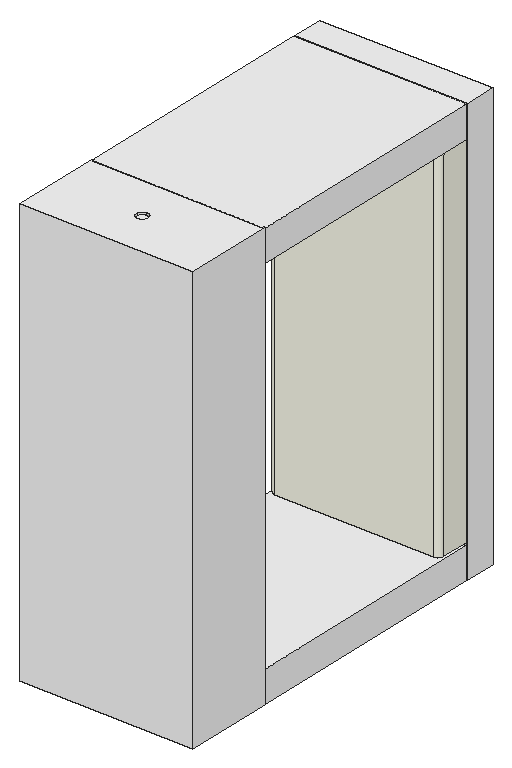
Revit family "STH9726_STH5726", category Luminárias, Revit 2023
Family settings
  Hospedeiro = Parede
  Cota do conector redondo = Utilizar diâmetro
  Tipo de parte = Normal
  Número OmniClass = 23.80.70.00
  Título OmniClass = Lighting
  Sempre na vertical = Sim
  Corte com vazios quando carregada = Não
  Fonte luminosa = Sim
  Manter orientação da anotação = Não
  Compartilhado = Não
  Ponto de cálculo do ambiente = Não
Parameters (values of type "STH5726/30 - BRANCO - BIVOLT - 3000K - 470lm")
  Tilt Angle = 90.00°
  Ângulo de Abertura = ""
  Wattage = 3.16409 W
  URL = "https://stella.com.br/"
  Troca de temperatura da cor de lâmpada com esmaecimento = <Nenhum>
  Tensão Elétrica = "100V-240V"
  built-in parameter 1150107 = 3000 (stored number, unit not read)
  Temperatura da cor (K) = 3000 K
  Referência = "STH5726/30 - BIVOLT"
  Potência = 7 W
  built-in parameter 1150110 = 1 (stored number, unit not read)
  built-in parameter 1150109 = 1 (stored number, unit not read)
  built-in parameter 1114218 = 1 (stored number, unit not read)
  built-in parameter 1150112 = 1 (stored number, unit not read)
  built-in parameter 1150113 = 1 (stored number, unit not read)
  built-in parameter 1150132 = 2
  built-in parameter 1150137 = (empty or 0)
  Modelo = "Recognizer"
  Luminoso = Luminoso - 3000K
  built-in parameter 1150106 = 1.5394 (stored number, unit not read)
  Largura = 0.062 m
  built-in parameter 1150102 = (empty or 0)
  built-in parameter 1150105 = 153.94 (stored number, unit not read)
  IRC (Índice de reprodução de cores) = ">80"
  Grau de proteção (IP) = "IP65"
  Fluxo Luminoso = 470 lm
  Color Filter = 16777215
  built-in parameter 1114217 = 1 (stored number, unit not read)
  built-in parameter 1150139 = (empty or 0)
  Fabricante = "Stella"
  Estrutura = Al - Branco
  Default Elevation = 0.00 m
  built-in parameter 1150104 = 13.8 (stored number, unit not read)
  Dimerização = "Não dimerizável"
  built-in parameter 1150115 = 1 (stored number, unit not read)
  built-in parameter 1150114 = 1 (stored number, unit not read)
  Lumens = 470 lm
  built-in parameter 1150138 = (empty or 0)
  built-in parameter 1150134 = (empty or 0)
  Comprimento = 0.13 m
  Arquivo de rede fotométrica = "STELLA - STH5726-30 - RECOGNIZER.ies"
  Altura = 0.15 m
  built-in parameter 1150133 = 10 (stored number, unit not read)
Types (3, lengths in m): name | Wattage | Referência | built-in parameter 1150106 | built-in parameter 1150105 | Fluxo Luminoso | Estrutura | Lumens | Arquivo de rede fotométrica
  (no name) | 3.16409 W | "STH5726/30 - BIVOLT" | 1.5394 (stored number, unit not read) | 153.94 (stored number, unit not read) | 470 lm | Al - Branco | 470 lm | "STELLA - STH5726-30 - RECOGNIZER.ies"
  STH5726/30 - BRANCO - BIVOLT - 3000K - 470lm | 3.16409 W | "STH5726/30 - BIVOLT" | 1.5394 (stored number, unit not read) | 153.94 (stored number, unit not read) | 470 lm | Al - Branco | 470 lm | "STELLA - STH5726-30 - RECOGNIZER.ies"
  STH9726/30 - PRETO - BIVOLT - 420lm | 2.82748 W | "STH9726/30 - BIVOLT" | 1.6343 (stored number, unit not read) | 163.43 (stored number, unit not read) | 420 lm | Al - Preto | 420 lm | "STELLA - STH9726-30 - RECOGNIZER.ies"
Reference planes (m)
  plane 1: y = 0
  plane 2 "Eixo de origem da luz (F/T)": y = 0.2332
  plane 3 "Plano de inclinação da fonte de luz": x = -0.036356
  plane 4 "Elevação da origem da luz": z = 1
  plane 5: x = -0.005356
  plane 6: x = -0.067356
  plane 7: y = 0.2332
  plane 8 "Superior": z = 1.075
  plane 9: z = 0.925
  plane 10 "CentroxConector": z = 1
  plane 11: y = 0.1032
Forms (m)
  Extrusion 1, solid, material "Al - Branco" <- "Estrutura"
    sketch origin (0, 0, 1) x (0, 1, 0) y (-1, 0, 0)
      loop
        line (0.2222, 0.066356) -> (0.2222, 0.006356) -> (0.2332, 0.006356) -> (0.2332, 0.066356) -> (0.2222, 0.066356)
      loop
        line (0.1032, 0.066356) -> (0.1032, 0.006356) -> (0.1342, 0.006356) -> (0.1342, 0.066356) -> (0.1032, 0.066356)
    from -0.074 to 0.074
  Extrusion 2, solid, material "Luminoso - 3000K" <- "Luminoso"
    sketch origin (0, 0, 1) x (0, 1, 0) y (-1, 0, 0)
      loop
        arc (0.2127, 0.065856) -> (0.211286, 0.06527) -> (0.2107, 0.063856) r 0.002
        line (0.2107, 0.063856) -> (0.2107, 0.008856)
        arc (0.2107, 0.008856) -> (0.211286, 0.007441) -> (0.2127, 0.006856) r 0.002
        line (0.2127, 0.006856) -> (0.2222, 0.006856) -> (0.2222, 0.065856) -> (0.2127, 0.065856)
    from -0.0625 to 0.0625
  Extrusion 3, solid, material "Al - Branco" <- "Estrutura"
    sketch origin (-0.036356, 0, 0) x (0, -1, 0) y (0, 0, 1)
      loop
        line (-0.1347, 1.074) -> (-0.2217, 1.074) -> (-0.2217, 1.063) -> (-0.1347, 1.063) -> (-0.1347, 1.074)
      loop
        line (-0.1347, 0.937) -> (-0.2217, 0.937) -> (-0.2217, 0.926) -> (-0.1347, 0.926) -> (-0.1347, 0.937)
    from -0.03 to 0.03
  Extrusion 4, solid, material "Al - Branco" <- "Estrutura"
    sketch origin (0, 0, 1) x (0, 1, 0) y (-1, 0, 0)
      loop
        line (0.2222, 0.065856) -> (0.1342, 0.065856) -> (0.1342, 0.006831) -> (0.2222, 0.006831) -> (0.2222, 0.065856)
    from 0.063 to 0.074
  Extrusion 5, solid, material "Al - Branco" <- "Estrutura"
    sketch origin (0, 0, 1) x (0, 1, 0) y (-1, 0, 0)
      loop
        line (0.1342, 0.065856) -> (0.1342, 0.006831) -> (0.2222, 0.006831) -> (0.2222, 0.065856) -> (0.1342, 0.065856)
    from -0.0735 to -0.063
  Extrusion 6, void
    sketch origin (0, 0, 1) x (0, 1, 0) y (-1, 0, 0)
      loop
        circle (0.1187, 0.036356) r 0.002
    from -0.074 to -0.0735
  Extrusion 7, void
    sketch origin (0, 0, 1) x (-1, 0, 0) y (0, -1, 0)
      loop
        circle (0.036356, -0.1187) r 0.002
    from 0.0735 to 0.074
Cuts and joins
  joined: Extrusion 3, Extrusion 4, Extrusion 5
  Extrusion 6, Extrusion 7 cuts Extrusion 1
Text (m)
  text "Lado da colocação" at (0, 1.019848, 3.124603), in view "Direita"
  text "Lado da colocação" at (-0.597662, 0.283012, 0), in view "Nível de referência"
  text "Lado da colocação" at (0, 1.206291, 3.571227), in view "Esquerda"
  text "90 graus" at (-0.2286, 1.737863, 2.019117), in view "Esquerda"
  text "Inclinação da luz de 0 graus" at (-0.2286, 0.870797, 0.30306), in view "Esquerda"
  text "180 graus" at (-0.2286, 0.532154, 2.851909), in view "Esquerda"
Dimensions and locks (m)
  "Altura": plane 9 to plane 8 "Superior"
  "Largura": plane 6 to plane 5
  "Comprimento": plane 2 "Eixo de origem da luz (F/T)" to plane 11
Automatic sketch dimensions
  Extrusion 1 sketch curve to host wall = 0.00 m
  plane 2 "Eixo de origem da luz (F/T)" to Extrusion 1 sketch curve = 0.00 m
  plane 6 to Extrusion 1 sketch curve = 0.001 m  (x2)
  host wall to Extrusion 1 sketch curve = 0.031 m
  Extrusion 1 sketch curve to plane 5 = 0.001 m  (x2)
  plane 2 "Eixo de origem da luz (F/T)" to Extrusion 1 sketch curve = 0.011 m
  plane 6 to Extrusion 2 sketch curve = 0.0035 m
  plane 2 "Eixo de origem da luz (F/T)" to Extrusion 2 sketch curve = 0.0225 m
  plane 6 to Extrusion 2 sketch curve = 0.0015 m
  Extrusion 2 sketch curve to Extrusion 2 sketch curve = 0.002 m
  Extrusion 2 sketch curve to plane 5 = 0.0015 m
  Extrusion 2 sketch curve to Extrusion 2 sketch curve = 0.0095 m
  plane 9 to Extrusion 3 sketch curve = 0.001 m
  plane 2 "Eixo de origem da luz (F/T)" to Extrusion 3 sketch curve = 0.0115 m  (x2)
  Extrusion 3 sketch curve to plane 8 "Superior" = 0.001 m
  host wall to Extrusion 3 sketch curve = 0.0315 m  (x2)
  Extrusion 3 sketch curve to Extrusion 3 sketch curve = 0.011 m  (x2)
  plane 6 to Extrusion 4 sketch curve = 0.0015 m
  host wall to Extrusion 4 sketch curve = 0.031 m
  plane 2 "Eixo de origem da luz (F/T)" to Extrusion 4 sketch curve = 0.011 m
  Extrusion 4 sketch curve to plane 5 = 0.001476 m
  Extrusion 5 sketch curve to plane 5 = 0.001476 m
  host wall to Extrusion 5 sketch curve = 0.031 m
  plane 6 to Extrusion 5 sketch curve = 0.0015 m
  plane 2 "Eixo de origem da luz (F/T)" to Extrusion 5 sketch curve = 0.011 m
  Extrusion 6 sketch curve to Extrusion 6 sketch curve = 0.00 m  (x2)
  Extrusion 6 sketch curve to plane 3 "Plano de inclinação da fonte de luz" = 0.00 m
  host wall to Extrusion 6 sketch curve = 0.0155 m
  Extrusion 6 sketch curve to plane 3 "Plano de inclinação da fonte de luz" = 0.002 m
  Extrusion 7 sketch curve to Extrusion 7 sketch curve = 0.00 m  (x2)
  Extrusion 7 sketch curve to plane 3 "Plano de inclinação da fonte de luz" = 0.00 m
  host wall to Extrusion 7 sketch curve = 0.0155 m
  Extrusion 7 sketch curve to plane 3 "Plano de inclinação da fonte de luz" = 0.002 m
Connectors (m)
  electrical at (-0.036355, 0.1032, 1)
    settings: index 1, voltage 0 V, apparent load 0 VA, apparent load phase1 0 VA, apparent load phase2 0 VA, apparent load phase3 0 VA, power factor 1, load classification "Outro", number of poles 1, system type 31, power factor state 1, is connector primary yes, connector utility no, sub classification motor no, connector description ""
